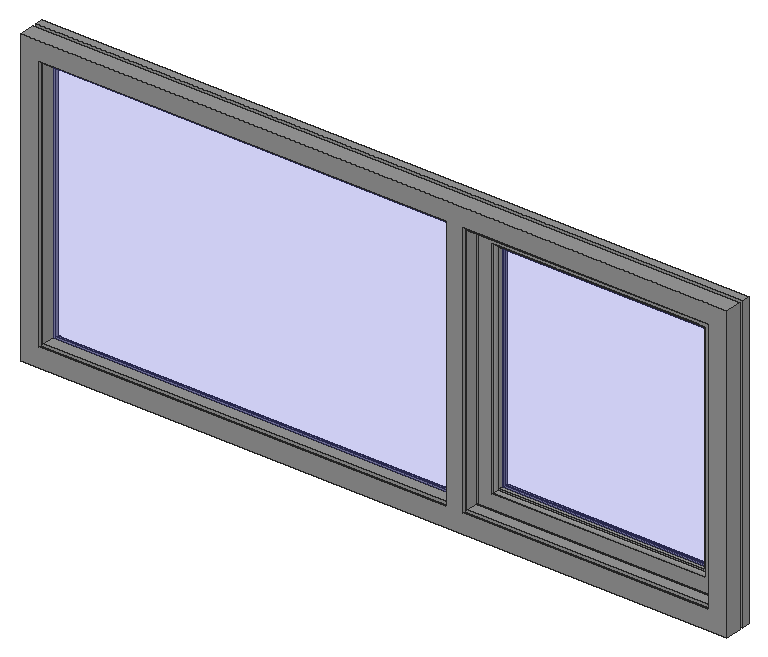
Revit family "ME15 LH", category Windows, host Wall, Revit 2015
Parameters (values of type "ME15 LH")
  Sash Width = 600 mm
  Height = 622 mm
  Default Lintel Height = 2100 mm
  Wall Closure = By host
  Width = 1500 mm
Reference planes
  plane 1 "Center (Front/Back)": y = 0
  plane 2 "Center (Left/Right)": x = 0
  plane 3 "Left": x = -750
  plane 4 "Right": x = 750
  plane 5 "Sill": z = 1478
  plane 6 "Head": z = 2100
  plane 7 "Exterior": y = 100
  plane 8 "Interior": y = -100
  plane 9: y = -28.5
  plane 10: y = 23.5
  plane 11: x = 150
Forms (mm)
  Sweep 1, solid, material "Lauan, Meranti"
    path origin (0, 100, 0) x (1, 0, 0) y (0, 0, 1)
      loop
        line (750, 2100) -> (-750, 2100) -> (-750, 1478) -> (750, 1478) -> (750, 2100)
    profile origin (0, 100, 2100) x (0, 0, -1) y (0, -1, 0)
      loop
        line (0, 71.5) -> (29, 71.5) -> (29, 96.5) -> (37.5, 96.5) -> (37.5, 102.5) -> (40.5, 102.5) -> (40.5, 96.5) -> (44, 96.5) -> (44, 122.5) -> (39, 122.5) -> (39, 128.5) -> (0, 128.5) -> (0, 94.5) -> (10, 94.5) -> (10, 86.5) -> (0, 86.5) -> (0, 71.5)
  Extrusion 2, solid, material "Lauan, Meranti"
    sketch origin (172, 0, 0) x (-1, 0, 0) y (0, -1, 0)
      loop
        line (22, 22.5) -> (17, 22.5) -> (17, 28.5) -> (-17, 28.5) -> (-17, 22.5) -> (-22, 22.5) -> (-22, -3.5) -> (-18.5, -3.5) -> (-18.5, 2.5) -> (-15.5, 2.5) -> (-15.5, -3.5) -> (-7, -3.5) -> (-7, -28.5) -> (7, -28.5) -> (7, -3.5) -> (15.5, -3.5) -> (15.5, 2.5) -> (18.5, 2.5) -> (18.5, -3.5) -> (22, -3.5) -> (22, 22.5)
    from 1507 to 2071
  Sweep 3, solid, material "Rubber"
    path origin (-10500, 23.5, 2100) x (0, 0, -1) y (-1, 0, 0)
      loop
        line (29, -11221) -> (593, -11221) -> (593, -10679) -> (29, -10679) -> (29, -11221)
    profile origin (450, 23.5, 2071) x (0, 0, 1) y (0, 1, 0)
      loop
        line (-9, -22.43) -> (-9, -20) -> (-5, -20) -> (-5, -17) -> (-10, -15) -> (-15, -17) -> (-15, -20) -> (-11, -20) -> (-11, -22.43) -> (-12, -22.43) -> (-11, -22.698) -> (-11, -24.464) -> (-12, -24.464) -> (-10, -25) -> (-8, -24.464) -> (-9, -24.464) -> (-9, -22.698) -> (-8, -22.43) -> (-9, -22.43)
  Sweep 4, solid, material "Lauan, Meranti"
    path origin (-10500, 23.5, 2100) x (0, 0, -1) y (-1, 0, 0)
      loop
        line (29, -11221) -> (593, -11221) -> (593, -10679) -> (29, -10679) -> (29, -11221)
    profile origin (450, 23.5, 2071) x (0, 0, 1) y (0, 1, 0)
      loop
        line (5, 5) -> (5, 19)
        arc (5, 19) -> (3.242, 23.243) -> (-1, 25) r 6
        line (-1, 25) -> (-43, 25) -> (-43, 0) -> (-52, 0) -> (-52, -8) -> (-49, -8)
        arc (-49, -8) -> (-47.243, -12.243) -> (-43, -14) r 6
        line (-43, -14) -> (-43, -17) -> (-10, -17) -> (-10, -13) -> (-12, -13) -> (-12, -8) -> (-14, -7.464) -> (-14, -2.536) -> (-12, -2) -> (-12, 5) -> (5, 5)
  Extrusion 5, solid, material "Glass"
    sketch origin (-10500, 23.5, 2100) x (0, 0, -1) y (-1, 0, 0)
      loop
        line (72, -11178) -> (550, -11178) -> (550, -10722) -> (72, -10722) -> (72, -11178)
    from 0 to 6.4
  Sweep 6, solid, material "Lauan, Meranti"
    path origin (0, 100, 0) x (1, 0, 0) y (0, 0, 1)
      loop
        line (678, 2028) -> (222, 2028) -> (222, 1550) -> (678, 1550) -> (678, 2028)
    profile origin (450, 100, 2028) x (0, 0, -1) y (0, -1, 0)
      loop
        arc (0, 62.1) -> (4.67, 63.734) -> (7, 68.1) r 6.807
        line (7, 68.1) -> (9, 68.1) -> (9, 70.1) -> (0, 70.1) -> (0, 62.1)
  Extrusion 7, solid, material "Glass"
    sketch origin (-10500, 3.5, 2100) x (0, 0, -1) y (-1, 0, 0)
      loop
        line (29, -10665) -> (593, -10665) -> (593, -9779) -> (29, -9779) -> (29, -10665)
    from 0 to 6.4
  Sweep 8, solid, material "Lauan, Meranti"
    path origin (-10500, 23.5, 2100) x (0, 0, -1) y (-1, 0, 0)
      loop
        line (29, -10665) -> (593, -10665) -> (593, -9779) -> (29, -9779) -> (29, -10665)
    profile origin (-278, 23.5, 2071) x (0, 0, 1) y (0, 1, 0)
      loop
        line (0, 1.4) -> (-3, 1.4)
        arc (-3, 1.4) -> (-10.071, -1.529) -> (-13, -8.6) r 10
        line (-13, -8.6) -> (-15, -8.6) -> (-15, -13.6) -> (0, -13.6) -> (0, 1.4)
Cuts and joins
  joined: Sweep 1, Extrusion 2
Lines and regions (mm)
  Opening 1
    outline origin (3500, -100, 0) x (1, 0, 0) y (0, 0, 1)
      loop
        line (-2750, 1478) -> (-2750, 2100) -> (-4250, 2100) -> (-4250, 1478) -> (-2750, 1478)
  model lines
    curve 1: line (726, 48.5, 2076) -> (450, 48.5, 1502)
    curve 2: line (450, 48.5, 1502) -> (173.918, 48.5, 2076.08)
Text (mm)
  text "EXTERIOR" at (-1963.203, 1332.353, 0), in view "Ref. Level"
  text "INTERIOR" at (-1981.466, -818.386, 0), in view "Ref. Level"
  text "Exterior" at (0, 923.751, 2943.296), in view "Right"
  text "Exterior" at (0, 1040.484, 2685.409), in view "Left"
Dimensions and locks
  equal spacing: plane 3 "Left", plane 2 "Center (Left/Right)", plane 4 "Right"
  "Width": plane 3 "Left" to plane 4 "Right"
  "Height": plane 5 "Sill" to plane 6 "Head"
  "Default Lintel Height": plane 6 "Head" to level
  locked: plane 7 "Exterior" to host wall at 0
  locked: plane 8 "Interior" to host wall
  locked: plane 10 to plane 9 at 52
  "Sash Width": plane 11 to plane 4 "Right"
  aligned and locked: Sweep 1 sketch curve to host wall  (x4)
  aligned and locked: Extrusion 2 to Sweep 1  (x2)
  aligned and locked: Sweep 3 sketch curve to Sweep 1  (x2)
  aligned and locked: Sweep 3 sketch curve to Extrusion 2  (x2)
  aligned and locked: Sweep 4 sketch curve to Sweep 1  (x2)
  aligned and locked: Sweep 4 sketch curve to Extrusion 2  (x2)
  aligned and locked: Extrusion 5 sketch curve to Sweep 4  (x4)
  aligned and locked: Sweep 6 sketch curve to Sweep 4  (x4)
  aligned and locked: Sweep 8 sketch curve to Extrusion 7
  aligned and locked: Sweep 8 sketch curve to Extrusion 2
  aligned and locked: Sweep 8 sketch curve to Sweep 1  (x2)
Automatic sketch dimensions
  plane 3 "Left" to Opening 1 sketch curve = 0 mm
  plane 4 "Right" to Opening 1 sketch curve = 0 mm
  Opening 1 sketch curve to plane 5 "Sill" = 0 mm
  Opening 1 sketch curve to plane 6 "Head" = 0 mm
  Sweep 1 sketch curve to profile plane = 0 mm  (x2)
  Sweep 1 sketch curve to profile plane = 10 mm
  Sweep 1 sketch curve to Sweep 1 sketch curve = 19 mm
  Sweep 1 sketch curve to Sweep 1 sketch curve = 8.5 mm
  Sweep 1 sketch curve to Sweep 1 sketch curve = 1.5 mm
  Sweep 1 sketch curve to Sweep 1 sketch curve = 3 mm
  Sweep 1 sketch curve to Sweep 1 sketch curve = 3.5 mm
  plane 7 "Exterior" to Sweep 1 sketch curve = 71.5 mm
  Sweep 1 sketch curve to Sweep 1 sketch curve = 15 mm
  Sweep 1 sketch curve to Sweep 1 sketch curve = 8 mm
  Sweep 1 sketch curve to Sweep 1 sketch curve = 25 mm
  Sweep 1 sketch curve to Sweep 1 sketch curve = 0 mm
  Sweep 1 sketch curve to Sweep 1 sketch curve = 6 mm
  Sweep 1 sketch curve to Sweep 1 sketch curve = 20 mm
  Sweep 1 sketch curve to Sweep 1 sketch curve = 34 mm
  curve 1 to plane 5 "Sill" = 24 mm
  plane 4 "Right" to curve 1 = 300 mm
  curve 2 to plane 11 = 23.918 mm
  plane 4 "Right" to curve 1 = 24 mm
  plane 6 "Head" to curve 1 = 24 mm
  plane 6 "Head" to curve 2 = 23.92 mm
  Extrusion 2 sketch curve to plane 9 = 0 mm
  Extrusion 2 sketch curve to plane 11 = 0 mm
  Extrusion 2 sketch curve to Extrusion 2 sketch curve = 3.5 mm  (x2)
  Extrusion 2 sketch curve to Extrusion 2 sketch curve = 5 mm
  Extrusion 2 sketch curve to Extrusion 2 sketch curve = 3 mm  (x2)
  plane 10 to Extrusion 2 sketch curve = 5 mm
  Extrusion 2 sketch curve to plane 11 = 15 mm
  Extrusion 2 sketch curve to Extrusion 2 sketch curve = 14 mm
  host wall to Extrusion 2 sketch curve = 2.5 mm  (x2)
  Extrusion 2 sketch curve to Extrusion 2 sketch curve = 8.5 mm
  Extrusion 2 sketch curve to Extrusion 2 sketch curve = 1.5 mm
  Extrusion 2 sketch curve to host wall = 3.5 mm  (x2)
  Extrusion 2 sketch curve to Extrusion 2 sketch curve = 0 mm  (x2)
  plane 9 to Extrusion 2 sketch curve = 6 mm  (x2)
  profile plane to Sweep 3 sketch curve = 15 mm
  Sweep 3 sketch curve to Sweep 3 sketch curve = 3 mm  (x4)
  Sweep 3 sketch curve to Sweep 3 sketch curve = 0 mm  (x2)
  Sweep 3 sketch curve to Sweep 3 sketch curve = 1 mm  (x7)
  Sweep 3 sketch curve to Sweep 3 sketch curve = 2 mm
  Sweep 3 sketch curve to plane 10 = 25 mm
  Sweep 3 sketch curve to Sweep 3 sketch curve = 0.536 mm  (x2)
  Sweep 3 sketch curve to Sweep 3 sketch curve = 1.766 mm  (x2)
  Sweep 3 sketch curve to Sweep 3 sketch curve = 0.268 mm  (x2)
  Sweep 3 sketch curve to Sweep 3 sketch curve = 2.43 mm
  Sweep 3 sketch curve to Sweep 3 sketch curve = 5 mm
  Sweep 4 sketch curve to plane 10 = 0 mm
  profile plane to Sweep 4 sketch curve = 52 mm
  Sweep 4 sketch curve to Sweep 4 sketch curve = 3 mm  (x2)
  Sweep 4 sketch curve to Sweep 4 sketch curve = 9 mm
  Sweep 4 sketch curve to Sweep 4 sketch curve = 6 mm
  profile plane to Sweep 4 sketch curve = 14 mm
  Sweep 4 sketch curve to Sweep 4 sketch curve = 2 mm  (x3)
  Sweep 4 sketch curve to plane 10 = 2 mm
  profile plane to Sweep 4 sketch curve = 1 mm
  Sweep 4 sketch curve to profile plane = 5 mm
  Sweep 4 sketch curve to Sweep 4 sketch curve = 0.536 mm  (x2)
  Sweep 4 sketch curve to Sweep 4 sketch curve = 4.928 mm
  Sweep 4 sketch curve to Sweep 4 sketch curve = 8 mm
  Sweep 4 sketch curve to Sweep 4 sketch curve = 5 mm
  plane 10 to Sweep 4 sketch curve = 5 mm
  Sweep 4 sketch curve to Sweep 4 sketch curve = 14 mm
  Sweep 6 sketch curve to profile plane = 0 mm
  Sweep 6 sketch curve to profile plane = 0.241 mm
  Sweep 6 sketch curve to Sweep 6 sketch curve = 6.759 mm
  Sweep 6 sketch curve to Sweep 6 sketch curve = 2 mm  (x2)
  plane 7 "Exterior" to Sweep 6 sketch curve = 62.1 mm
  Sweep 6 sketch curve to Sweep 6 sketch curve = 6 mm
  plane 6 "Head" to Extrusion 7 sketch curve = 29 mm
  Extrusion 7 sketch curve to plane 5 "Sill" = 29 mm
  Extrusion 7 sketch curve to plane 11 = 15 mm
  Extrusion 7 sketch curve to plane 3 "Left" = 29 mm
  profile plane to Sweep 8 sketch curve = 0 mm
  plane 10 to Sweep 8 sketch curve = 1.4 mm
  profile plane to Sweep 8 sketch curve = 3 mm
  Sweep 8 sketch curve to plane 10 = 8.6 mm
  Sweep 8 sketch curve to Sweep 8 sketch curve = 2 mm
  Sweep 8 sketch curve to Sweep 8 sketch curve = 5 mm
